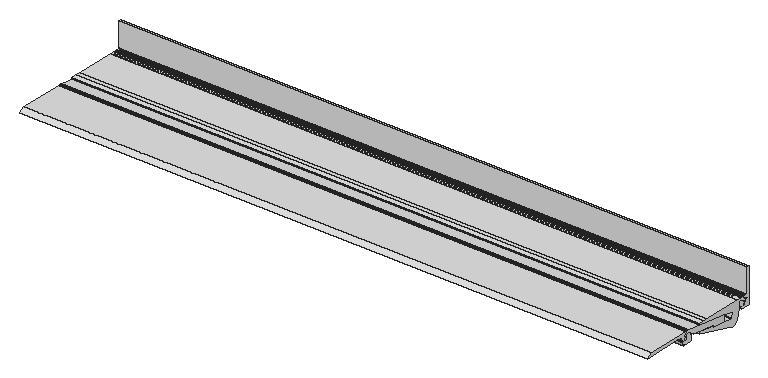
Revit family "Construction-Floors-Conecto-Aluminium Joints ALU AL.130.21", category Specialty Equipment, Revit 2015 (continued)
Definition of nested family "Standard"
  Automatic sketch dimensions
    Extrusion 11 sketch curve to Extrusion 11 sketch curve = 1.425 mm
    Extrusion 11 sketch curve to Extrusion 11 sketch curve = 2.078 mm
    plane 5 to Extrusion 11 sketch curve = 16.425 mm
    Extrusion 11 sketch curve to Extrusion 11 sketch curve = 0.009 mm
    Extrusion 11 sketch curve to Extrusion 11 sketch curve = 0.041 mm
    Extrusion 11 sketch curve to Extrusion 11 sketch curve = 0.911 mm  (x2)
    Extrusion 11 sketch curve to Extrusion 11 sketch curve = 2.3 mm
    Extrusion 11 sketch curve to Extrusion 11 sketch curve = 2.339 mm
    Extrusion 11 sketch curve to Extrusion 11 sketch curve = 0.027 mm
    Extrusion 11 sketch curve to Extrusion 11 sketch curve = 0.499 mm
    Extrusion 11 sketch curve to Extrusion 11 sketch curve = 0.837 mm
    Extrusion 11 sketch curve to Extrusion 11 sketch curve = 0.786 mm  (x2)
    Extrusion 11 sketch curve to Extrusion 11 sketch curve = 0.774 mm  (x2)
    Extrusion 11 sketch curve to Extrusion 11 sketch curve = 0.425 mm
    Extrusion 11 sketch curve to Extrusion 11 sketch curve = 0.097 mm
    Extrusion 11 sketch curve to Extrusion 11 sketch curve = 0.246 mm
    Extrusion 11 sketch curve to Extrusion 11 sketch curve = 0.831 mm
    Extrusion 11 sketch curve to Extrusion 11 sketch curve = 0.349 mm
    Extrusion 11 sketch curve to Extrusion 11 sketch curve = 0.778 mm
    Extrusion 11 sketch curve to Extrusion 11 sketch curve = 0.491 mm  (x2)
    plane 5 to Extrusion 11 sketch curve = 11.198 mm
    Extrusion 11 sketch curve to Extrusion 11 sketch curve = 0.697 mm
    Extrusion 11 sketch curve to Extrusion 11 sketch curve = 3.355 mm
    Extrusion 11 sketch curve to Extrusion 11 sketch curve = 0.719 mm
    Extrusion 11 sketch curve to Extrusion 11 sketch curve = 0.595 mm
    Extrusion 11 sketch curve to Extrusion 11 sketch curve = 0.672 mm
    Extrusion 11 sketch curve to Extrusion 11 sketch curve = 0.908 mm
    Extrusion 11 sketch curve to Extrusion 11 sketch curve = 0.74 mm
    Extrusion 11 sketch curve to Extrusion 11 sketch curve = 0.885 mm  (x2)
    Extrusion 11 sketch curve to Extrusion 11 sketch curve = 0.607 mm
    Extrusion 11 sketch curve to Extrusion 11 sketch curve = 0.827 mm
    Extrusion 11 sketch curve to Extrusion 11 sketch curve = 2.153 mm
    Extrusion 11 sketch curve to Extrusion 11 sketch curve = 0.459 mm
    Extrusion 11 sketch curve to Extrusion 11 sketch curve = 0.775 mm
    Extrusion 11 sketch curve to Extrusion 11 sketch curve = 0.787 mm
    Extrusion 11 sketch curve to Extrusion 11 sketch curve = 4.161 mm
    Extrusion 11 sketch curve to Extrusion 11 sketch curve = 0.155 mm
    Extrusion 11 sketch curve to Extrusion 11 sketch curve = 2.645 mm
    Extrusion 11 sketch curve to Extrusion 11 sketch curve = 0.258 mm
    Extrusion 11 sketch curve to Extrusion 11 sketch curve = 0.789 mm
    Extrusion 11 sketch curve to Extrusion 11 sketch curve = 0.379 mm
    Extrusion 11 sketch curve to Extrusion 11 sketch curve = 0.889 mm
    Extrusion 11 sketch curve to Extrusion 11 sketch curve = 0.488 mm
    Extrusion 11 sketch curve to Extrusion 11 sketch curve = 1.704 mm
    Extrusion 11 sketch curve to Extrusion 11 sketch curve = 0.741 mm
    Extrusion 11 sketch curve to Extrusion 11 sketch curve = 0.656 mm  (x2)
    Extrusion 11 sketch curve to Extrusion 11 sketch curve = 0.298 mm
    Extrusion 11 sketch curve to Extrusion 11 sketch curve = 0.771 mm
    Extrusion 11 sketch curve to Extrusion 11 sketch curve = 0.877 mm
    Extrusion 11 sketch curve to Extrusion 11 sketch curve = 0.492 mm
    Extrusion 11 sketch curve to Extrusion 11 sketch curve = 0.714 mm
    Extrusion 11 sketch curve to Extrusion 11 sketch curve = 0.418 mm
    Extrusion 11 sketch curve to Extrusion 11 sketch curve = 0.776 mm
    Extrusion 11 sketch curve to Extrusion 11 sketch curve = 0.629 mm
    Extrusion 11 sketch curve to Extrusion 11 sketch curve = 0.721 mm
    Extrusion 11 sketch curve to Extrusion 11 sketch curve = 0.523 mm
    Extrusion 11 sketch curve to Extrusion 11 sketch curve = 0.922 mm
    Extrusion 11 sketch curve to Extrusion 11 sketch curve = 0.347 mm
    Extrusion 11 sketch curve to Extrusion 11 sketch curve = 0.484 mm
    Extrusion 11 sketch curve to Extrusion 11 sketch curve = 0.085 mm
    Extrusion 11 sketch curve to Extrusion 11 sketch curve = 0.931 mm
    Extrusion 11 sketch curve to Extrusion 11 sketch curve = 0.833 mm
    plane 5 to Extrusion 11 sketch curve = 2.025 mm  (x2)
    Extrusion 11 sketch curve to Extrusion 11 sketch curve = 0.81 mm
    plane 5 to Extrusion 11 sketch curve = 0.891 mm  (x2)
    plane 5 to Extrusion 11 sketch curve = 0.11 mm
    Extrusion 11 sketch curve to Extrusion 11 sketch curve = 0.601 mm
    Extrusion 11 sketch curve to Extrusion 11 sketch curve = 0.78 mm
    Extrusion 11 sketch curve to Extrusion 11 sketch curve = 0.804 mm
    Extrusion 11 sketch curve to Extrusion 11 sketch curve = 0.811 mm
    Extrusion 11 sketch curve to Extrusion 11 sketch curve = 2.532 mm
    Extrusion 11 sketch curve to Extrusion 11 sketch curve = 0.993 mm
    Extrusion 11 sketch curve to Extrusion 11 sketch curve = 0.391 mm
    Extrusion 11 sketch curve to Extrusion 11 sketch curve = 0.063 mm
    Extrusion 11 sketch curve to Extrusion 11 sketch curve = 0.673 mm
    Extrusion 11 sketch curve to Extrusion 11 sketch curve = 0.38 mm
    Extrusion 11 sketch curve to Extrusion 11 sketch curve = 0.252 mm
    Extrusion 11 sketch curve to Extrusion 11 sketch curve = 0.151 mm
    Extrusion 11 sketch curve to Extrusion 11 sketch curve = 3.295 mm  (x2)
    Extrusion 11 sketch curve to Extrusion 11 sketch curve = 2.553 mm
    Extrusion 11 sketch curve to Extrusion 11 sketch curve = 0.406 mm
    Extrusion 11 sketch curve to Extrusion 11 sketch curve = 3.77 mm
    Extrusion 11 sketch curve to Extrusion 11 sketch curve = 0.794 mm
    Extrusion 11 sketch curve to Extrusion 11 sketch curve = 63.318 mm
    Extrusion 11 sketch curve to Extrusion 11 sketch curve = 1.56 mm
    Extrusion 11 sketch curve to Extrusion 11 sketch curve = 0.918 mm
    Extrusion 11 sketch curve to Extrusion 11 sketch curve = 0.284 mm
    Extrusion 11 sketch curve to Extrusion 11 sketch curve = 0.587 mm
    Extrusion 11 sketch curve to Extrusion 11 sketch curve = 1.2 mm
    Extrusion 11 sketch curve to Extrusion 11 sketch curve = 1.911 mm
    Extrusion 11 sketch curve to Extrusion 11 sketch curve = 0.578 mm
    Extrusion 11 sketch curve to Extrusion 11 sketch curve = 4.832 mm
    Extrusion 11 sketch curve to Extrusion 11 sketch curve = 0.912 mm
    Extrusion 11 sketch curve to Extrusion 11 sketch curve = 0.917 mm
    Extrusion 11 sketch curve to Extrusion 11 sketch curve = 2.428 mm
    Extrusion 11 sketch curve to Extrusion 11 sketch curve = 0.795 mm
    Extrusion 11 sketch curve to Extrusion 11 sketch curve = 0.87 mm
    Extrusion 11 sketch curve to Extrusion 11 sketch curve = 2.001 mm
    Extrusion 11 sketch curve to Extrusion 11 sketch curve = 1.1 mm
    Extrusion 11 sketch curve to Extrusion 11 sketch curve = 1.105 mm
    Extrusion 11 sketch curve to Extrusion 11 sketch curve = 1.16 mm
    Extrusion 11 sketch curve to Extrusion 11 sketch curve = 0.798 mm
    Extrusion 11 sketch curve to Extrusion 11 sketch curve = 0.812 mm
    Extrusion 11 sketch curve to Extrusion 11 sketch curve = 1.3 mm
    Extrusion 11 sketch curve to Extrusion 11 sketch curve = 1.589 mm
    Extrusion 11 sketch curve to Extrusion 11 sketch curve = 0.729 mm
    Extrusion 11 sketch curve to Extrusion 11 sketch curve = 0.181 mm
    Extrusion 11 sketch curve to Extrusion 11 sketch curve = 0.71 mm
    Extrusion 11 sketch curve to Extrusion 11 sketch curve = 0.699 mm
    Extrusion 11 sketch curve to Extrusion 11 sketch curve = 0.638 mm
    Extrusion 11 sketch curve to Extrusion 11 sketch curve = 0.506 mm
    Extrusion 11 sketch curve to Extrusion 11 sketch curve = 0.373 mm
    Extrusion 11 sketch curve to Extrusion 11 sketch curve = 0.208 mm
    Extrusion 11 sketch curve to Extrusion 11 sketch curve = 0.144 mm
    Extrusion 11 sketch curve to Extrusion 11 sketch curve = 1.895 mm
    Extrusion 11 sketch curve to Extrusion 11 sketch curve = 0.735 mm
    Extrusion 11 sketch curve to Extrusion 11 sketch curve = 1.073 mm  (x2)
    Extrusion 11 sketch curve to Extrusion 11 sketch curve = 0.031 mm
    Extrusion 11 sketch curve to Extrusion 11 sketch curve = 0.237 mm
    Extrusion 11 sketch curve to Extrusion 11 sketch curve = 0.765 mm
    Extrusion 11 sketch curve to Extrusion 11 sketch curve = 2.288 mm
    plane 5 to Extrusion 12 sketch curve = 76.237 mm
    Extrusion 12 sketch curve to Extrusion 12 sketch curve = 0.134 mm
    Extrusion 12 sketch curve to Extrusion 12 sketch curve = 0.685 mm  (x2)
    Extrusion 12 sketch curve to Extrusion 12 sketch curve = 0.826 mm
    Extrusion 12 sketch curve to Extrusion 12 sketch curve = 1.425 mm
    Extrusion 12 sketch curve to Extrusion 12 sketch curve = 2.071 mm
    plane 5 to Extrusion 12 sketch curve = 16.425 mm
    Extrusion 12 sketch curve to Extrusion 12 sketch curve = 0.009 mm
    Extrusion 12 sketch curve to Extrusion 12 sketch curve = 0.041 mm
    Extrusion 12 sketch curve to Extrusion 12 sketch curve = 0.911 mm  (x2)
    Extrusion 12 sketch curve to Extrusion 12 sketch curve = 2.3 mm
    Extrusion 12 sketch curve to Extrusion 12 sketch curve = 2.339 mm
    Extrusion 12 sketch curve to Extrusion 12 sketch curve = 0.027 mm
    Extrusion 12 sketch curve to Extrusion 12 sketch curve = 0.499 mm
    Extrusion 12 sketch curve to Extrusion 12 sketch curve = 0.837 mm
    Extrusion 12 sketch curve to Extrusion 12 sketch curve = 0.786 mm  (x2)
    Extrusion 12 sketch curve to Extrusion 12 sketch curve = 0.774 mm  (x2)
    Extrusion 12 sketch curve to Extrusion 12 sketch curve = 0.425 mm
    Extrusion 12 sketch curve to Extrusion 12 sketch curve = 0.097 mm
    Extrusion 12 sketch curve to Extrusion 12 sketch curve = 0.246 mm
    Extrusion 12 sketch curve to Extrusion 12 sketch curve = 0.831 mm
    Extrusion 12 sketch curve to Extrusion 12 sketch curve = 0.349 mm
    Extrusion 12 sketch curve to Extrusion 12 sketch curve = 0.778 mm
    Extrusion 12 sketch curve to Extrusion 12 sketch curve = 0.491 mm  (x2)
    Extrusion 12 sketch curve to Extrusion 12 sketch curve = 0.697 mm
    Extrusion 12 sketch curve to Extrusion 12 sketch curve = 3.355 mm
    Extrusion 12 sketch curve to Extrusion 12 sketch curve = 0.719 mm
    Extrusion 12 sketch curve to Extrusion 12 sketch curve = 0.595 mm
    Extrusion 12 sketch curve to Extrusion 12 sketch curve = 0.672 mm
    Extrusion 12 sketch curve to Extrusion 12 sketch curve = 0.908 mm
    Extrusion 12 sketch curve to Extrusion 12 sketch curve = 0.74 mm
    Extrusion 12 sketch curve to Extrusion 12 sketch curve = 0.885 mm  (x2)
    Extrusion 12 sketch curve to Extrusion 12 sketch curve = 0.607 mm
    Extrusion 12 sketch curve to Extrusion 12 sketch curve = 0.827 mm
    Extrusion 12 sketch curve to Extrusion 12 sketch curve = 0.459 mm
    plane 5 to Extrusion 12 sketch curve = 8.705 mm
    Extrusion 12 sketch curve to Extrusion 12 sketch curve = 0.775 mm
    Extrusion 12 sketch curve to Extrusion 12 sketch curve = 0.787 mm
    Extrusion 12 sketch curve to Extrusion 12 sketch curve = 4.161 mm
    Extrusion 12 sketch curve to Extrusion 12 sketch curve = 0.155 mm
    Extrusion 12 sketch curve to Extrusion 12 sketch curve = 2.645 mm
    Extrusion 12 sketch curve to Extrusion 12 sketch curve = 0.258 mm
    Extrusion 12 sketch curve to Extrusion 12 sketch curve = 0.789 mm
    Extrusion 12 sketch curve to Extrusion 12 sketch curve = 0.379 mm
    Extrusion 12 sketch curve to Extrusion 12 sketch curve = 0.889 mm
    Extrusion 12 sketch curve to Extrusion 12 sketch curve = 0.488 mm
    Extrusion 12 sketch curve to Extrusion 12 sketch curve = 0.741 mm
    Extrusion 12 sketch curve to Extrusion 12 sketch curve = 0.656 mm  (x2)
    Extrusion 12 sketch curve to Extrusion 12 sketch curve = 0.298 mm
    Extrusion 12 sketch curve to Extrusion 12 sketch curve = 2.115 mm
    Extrusion 12 sketch curve to Extrusion 12 sketch curve = 0.877 mm
    Extrusion 12 sketch curve to Extrusion 12 sketch curve = 0.492 mm
    Extrusion 12 sketch curve to Extrusion 12 sketch curve = 0.714 mm
    Extrusion 12 sketch curve to Extrusion 12 sketch curve = 0.273 mm
    Extrusion 12 sketch curve to Extrusion 12 sketch curve = 0.776 mm
    Extrusion 12 sketch curve to Extrusion 12 sketch curve = 0.629 mm
    Extrusion 12 sketch curve to Extrusion 12 sketch curve = 0.721 mm
    Extrusion 12 sketch curve to Extrusion 12 sketch curve = 0.523 mm
    Extrusion 12 sketch curve to Extrusion 12 sketch curve = 0.922 mm
    Extrusion 12 sketch curve to Extrusion 12 sketch curve = 0.347 mm
    Extrusion 12 sketch curve to Extrusion 12 sketch curve = 0.484 mm
    Extrusion 12 sketch curve to Extrusion 12 sketch curve = 0.085 mm
    Extrusion 12 sketch curve to Extrusion 12 sketch curve = 0.931 mm
    Extrusion 12 sketch curve to Extrusion 12 sketch curve = 0.833 mm
    plane 5 to Extrusion 12 sketch curve = 2.025 mm  (x2)
    Extrusion 12 sketch curve to Extrusion 12 sketch curve = 0.81 mm
    plane 5 to Extrusion 12 sketch curve = 0.891 mm  (x2)
    plane 5 to Extrusion 12 sketch curve = 0.11 mm
    Extrusion 12 sketch curve to Extrusion 12 sketch curve = 0.218 mm
    Extrusion 12 sketch curve to Extrusion 12 sketch curve = 0.428 mm
    Extrusion 12 sketch curve to Extrusion 12 sketch curve = 0.38 mm
    Extrusion 12 sketch curve to Extrusion 12 sketch curve = 0.252 mm
    Extrusion 12 sketch curve to Extrusion 12 sketch curve = 0.151 mm
    Extrusion 12 sketch curve to Extrusion 12 sketch curve = 1.986 mm
    Extrusion 12 sketch curve to Extrusion 12 sketch curve = 2.553 mm
    Extrusion 12 sketch curve to Extrusion 12 sketch curve = 0.406 mm
    Extrusion 12 sketch curve to Extrusion 12 sketch curve = 3.77 mm
    Extrusion 12 sketch curve to Extrusion 12 sketch curve = 0.794 mm
    Extrusion 12 sketch curve to Extrusion 12 sketch curve = 53.088 mm
    Extrusion 12 sketch curve to Extrusion 12 sketch curve = 1.637 mm
    Extrusion 12 sketch curve to Extrusion 12 sketch curve = 1.221 mm
    Extrusion 12 sketch curve to Extrusion 12 sketch curve = 1.196 mm
    Extrusion 12 sketch curve to Extrusion 12 sketch curve = 1.911 mm
    Extrusion 12 sketch curve to Extrusion 12 sketch curve = 0.578 mm
    Extrusion 12 sketch curve to Extrusion 12 sketch curve = 0.175 mm
    Extrusion 12 sketch curve to Extrusion 12 sketch curve = 0.673 mm
    Extrusion 12 sketch curve to Extrusion 12 sketch curve = 3.295 mm  (x2)
    Extrusion 12 sketch curve to Extrusion 12 sketch curve = 0.993 mm
    Extrusion 12 sketch curve to Extrusion 12 sketch curve = 0.811 mm
    Extrusion 12 sketch curve to Extrusion 12 sketch curve = 0.804 mm
    Extrusion 12 sketch curve to Extrusion 12 sketch curve = 2.532 mm
    Extrusion 12 sketch curve to Extrusion 12 sketch curve = 0.601 mm
    Extrusion 12 sketch curve to Extrusion 12 sketch curve = 0.912 mm
    Extrusion 12 sketch curve to Extrusion 12 sketch curve = 0.917 mm
    Extrusion 12 sketch curve to Extrusion 12 sketch curve = 2.428 mm
    Extrusion 12 sketch curve to Extrusion 12 sketch curve = 0.795 mm
    Extrusion 12 sketch curve to Extrusion 12 sketch curve = 0.87 mm
    Extrusion 12 sketch curve to Extrusion 12 sketch curve = 2.001 mm
    Extrusion 12 sketch curve to Extrusion 12 sketch curve = 1.1 mm
    Extrusion 12 sketch curve to Extrusion 12 sketch curve = 1.105 mm
    Extrusion 12 sketch curve to Extrusion 12 sketch curve = 1.16 mm
    Extrusion 12 sketch curve to Extrusion 12 sketch curve = 0.798 mm
    Extrusion 12 sketch curve to Extrusion 12 sketch curve = 0.812 mm
    Extrusion 12 sketch curve to Extrusion 12 sketch curve = 1.3 mm
    Extrusion 12 sketch curve to Extrusion 12 sketch curve = 1.589 mm
    Extrusion 12 sketch curve to Extrusion 12 sketch curve = 0.729 mm
    Extrusion 12 sketch curve to Extrusion 12 sketch curve = 0.181 mm
    Extrusion 12 sketch curve to Extrusion 12 sketch curve = 0.71 mm
    Extrusion 12 sketch curve to Extrusion 12 sketch curve = 0.699 mm
    Extrusion 12 sketch curve to Extrusion 12 sketch curve = 0.638 mm
    Extrusion 12 sketch curve to Extrusion 12 sketch curve = 0.506 mm
    Extrusion 12 sketch curve to Extrusion 12 sketch curve = 0.373 mm
    Extrusion 12 sketch curve to Extrusion 12 sketch curve = 0.208 mm
    Extrusion 12 sketch curve to Extrusion 12 sketch curve = 0.144 mm
    Extrusion 12 sketch curve to Extrusion 12 sketch curve = 1.895 mm
    Extrusion 12 sketch curve to Extrusion 12 sketch curve = 0.735 mm
    Extrusion 12 sketch curve to Extrusion 12 sketch curve = 1.073 mm  (x2)
    Extrusion 12 sketch curve to Extrusion 12 sketch curve = 0.031 mm
    Extrusion 12 sketch curve to Extrusion 12 sketch curve = 0.237 mm
    Extrusion 12 sketch curve to Extrusion 12 sketch curve = 0.765 mm
    Extrusion 12 sketch curve to Extrusion 12 sketch curve = 1.007 mm
    plane 5 to Extrusion 13 sketch curve = 76.337 mm
    Extrusion 13 sketch curve to Extrusion 13 sketch curve = 0.134 mm
    Extrusion 13 sketch curve to Extrusion 13 sketch curve = 0.685 mm  (x2)
    Extrusion 13 sketch curve to Extrusion 13 sketch curve = 0.826 mm
    Extrusion 13 sketch curve to Extrusion 13 sketch curve = 1.425 mm
    Extrusion 13 sketch curve to Extrusion 13 sketch curve = 2.203 mm
    plane 5 to Extrusion 13 sketch curve = 16.425 mm
    Extrusion 13 sketch curve to Extrusion 13 sketch curve = 0.009 mm
    Extrusion 13 sketch curve to Extrusion 13 sketch curve = 0.032 mm
    Extrusion 13 sketch curve to Extrusion 13 sketch curve = 0.911 mm  (x2)
    Extrusion 13 sketch curve to Extrusion 13 sketch curve = 2.3 mm
    Extrusion 13 sketch curve to Extrusion 13 sketch curve = 2.339 mm
    Extrusion 13 sketch curve to Extrusion 13 sketch curve = 0.027 mm
    Extrusion 13 sketch curve to Extrusion 13 sketch curve = 0.499 mm
    Extrusion 13 sketch curve to Extrusion 13 sketch curve = 0.837 mm
    Extrusion 13 sketch curve to Extrusion 13 sketch curve = 0.786 mm  (x2)
    Extrusion 13 sketch curve to Extrusion 13 sketch curve = 0.774 mm  (x2)
    Extrusion 13 sketch curve to Extrusion 13 sketch curve = 0.425 mm
    Extrusion 13 sketch curve to Extrusion 13 sketch curve = 0.097 mm
    Extrusion 13 sketch curve to Extrusion 13 sketch curve = 0.246 mm
    Extrusion 13 sketch curve to Extrusion 13 sketch curve = 0.831 mm
    Extrusion 13 sketch curve to Extrusion 13 sketch curve = 0.349 mm
    Extrusion 13 sketch curve to Extrusion 13 sketch curve = 0.778 mm
    Extrusion 13 sketch curve to Extrusion 13 sketch curve = 0.491 mm  (x2)
    plane 5 to Extrusion 13 sketch curve = 11.216 mm
    Extrusion 13 sketch curve to Extrusion 13 sketch curve = 0.697 mm
    Extrusion 13 sketch curve to Extrusion 13 sketch curve = 3.355 mm
    Extrusion 13 sketch curve to Extrusion 13 sketch curve = 0.719 mm
    Extrusion 13 sketch curve to Extrusion 13 sketch curve = 0.595 mm
    Extrusion 13 sketch curve to Extrusion 13 sketch curve = 0.672 mm
    Extrusion 13 sketch curve to Extrusion 13 sketch curve = 0.908 mm
    Extrusion 13 sketch curve to Extrusion 13 sketch curve = 0.74 mm
    Extrusion 13 sketch curve to Extrusion 13 sketch curve = 0.885 mm  (x2)
    Extrusion 13 sketch curve to Extrusion 13 sketch curve = 0.607 mm
    Extrusion 13 sketch curve to Extrusion 13 sketch curve = 0.827 mm
    Extrusion 13 sketch curve to Extrusion 13 sketch curve = 0.459 mm
    Extrusion 13 sketch curve to Extrusion 13 sketch curve = 0.775 mm
    Extrusion 13 sketch curve to Extrusion 13 sketch curve = 2.808 mm
    Extrusion 13 sketch curve to Extrusion 13 sketch curve = 0.787 mm
    Extrusion 13 sketch curve to Extrusion 13 sketch curve = 4.161 mm
    Extrusion 13 sketch curve to Extrusion 13 sketch curve = 0.155 mm
    Extrusion 13 sketch curve to Extrusion 13 sketch curve = 2.645 mm
    Extrusion 13 sketch curve to Extrusion 13 sketch curve = 0.258 mm
    Extrusion 13 sketch curve to Extrusion 13 sketch curve = 0.789 mm
    Extrusion 13 sketch curve to Extrusion 13 sketch curve = 0.379 mm
    Extrusion 13 sketch curve to Extrusion 13 sketch curve = 0.889 mm
    Extrusion 13 sketch curve to Extrusion 13 sketch curve = 0.488 mm
    Extrusion 13 sketch curve to Extrusion 13 sketch curve = 0.741 mm
    Extrusion 13 sketch curve to Extrusion 13 sketch curve = 1.325 mm
    Extrusion 13 sketch curve to Extrusion 13 sketch curve = 0.656 mm  (x2)
    Extrusion 13 sketch curve to Extrusion 13 sketch curve = 0.298 mm
    Extrusion 13 sketch curve to Extrusion 13 sketch curve = 0.877 mm
    Extrusion 13 sketch curve to Extrusion 13 sketch curve = 0.492 mm
    Extrusion 13 sketch curve to Extrusion 13 sketch curve = 0.714 mm
    Extrusion 13 sketch curve to Extrusion 13 sketch curve = 0.273 mm
    Extrusion 13 sketch curve to Extrusion 13 sketch curve = 0.776 mm
    Extrusion 13 sketch curve to Extrusion 13 sketch curve = 0.629 mm
    Extrusion 13 sketch curve to Extrusion 13 sketch curve = 0.721 mm
    Extrusion 13 sketch curve to Extrusion 13 sketch curve = 0.523 mm
    Extrusion 13 sketch curve to Extrusion 13 sketch curve = 0.922 mm
    Extrusion 13 sketch curve to Extrusion 13 sketch curve = 0.347 mm
    Extrusion 13 sketch curve to Extrusion 13 sketch curve = 0.484 mm
    Extrusion 13 sketch curve to Extrusion 13 sketch curve = 0.085 mm
    Extrusion 13 sketch curve to Extrusion 13 sketch curve = 0.931 mm
    Extrusion 13 sketch curve to Extrusion 13 sketch curve = 0.833 mm
    plane 5 to Extrusion 13 sketch curve = 2.025 mm  (x2)
    Extrusion 13 sketch curve to Extrusion 13 sketch curve = 0.81 mm
    plane 5 to Extrusion 13 sketch curve = 0.891 mm  (x2)
    plane 5 to Extrusion 13 sketch curve = 0.11 mm
    Extrusion 13 sketch curve to Extrusion 13 sketch curve = 0.218 mm
    Extrusion 13 sketch curve to Extrusion 13 sketch curve = 0.428 mm
    Extrusion 13 sketch curve to Extrusion 13 sketch curve = 0.38 mm
    Extrusion 13 sketch curve to Extrusion 13 sketch curve = 0.252 mm
    Extrusion 13 sketch curve to Extrusion 13 sketch curve = 0.151 mm
    Extrusion 13 sketch curve to Extrusion 13 sketch curve = 1.986 mm
    Extrusion 13 sketch curve to Extrusion 13 sketch curve = 2.553 mm
    Extrusion 13 sketch curve to Extrusion 13 sketch curve = 0.406 mm
    Extrusion 13 sketch curve to Extrusion 13 sketch curve = 3.77 mm
    Extrusion 13 sketch curve to Extrusion 13 sketch curve = 0.794 mm
    Extrusion 13 sketch curve to Extrusion 13 sketch curve = 44.368 mm
    Extrusion 13 sketch curve to Extrusion 13 sketch curve = 1.15 mm
    Extrusion 13 sketch curve to Extrusion 13 sketch curve = 0.704 mm
    Extrusion 13 sketch curve to Extrusion 13 sketch curve = 1.272 mm
    Extrusion 13 sketch curve to Extrusion 13 sketch curve = 1.911 mm
    Extrusion 13 sketch curve to Extrusion 13 sketch curve = 0.578 mm
    Extrusion 13 sketch curve to Extrusion 13 sketch curve = 5.129 mm
    Extrusion 13 sketch curve to Extrusion 13 sketch curve = 0.673 mm
    Extrusion 13 sketch curve to Extrusion 13 sketch curve = 3.295 mm  (x2)
    Extrusion 13 sketch curve to Extrusion 13 sketch curve = 0.993 mm
    Extrusion 13 sketch curve to Extrusion 13 sketch curve = 0.811 mm
    Extrusion 13 sketch curve to Extrusion 13 sketch curve = 0.804 mm
    Extrusion 13 sketch curve to Extrusion 13 sketch curve = 2.532 mm
    Extrusion 13 sketch curve to Extrusion 13 sketch curve = 0.601 mm
    Extrusion 13 sketch curve to Extrusion 13 sketch curve = 0.302 mm
    Extrusion 13 sketch curve to Extrusion 13 sketch curve = 0.912 mm
    Extrusion 13 sketch curve to Extrusion 13 sketch curve = 0.917 mm
    Extrusion 13 sketch curve to Extrusion 13 sketch curve = 2.428 mm
    Extrusion 13 sketch curve to Extrusion 13 sketch curve = 0.795 mm
    Extrusion 13 sketch curve to Extrusion 13 sketch curve = 0.87 mm
    Extrusion 13 sketch curve to Extrusion 13 sketch curve = 2.001 mm
    Extrusion 13 sketch curve to Extrusion 13 sketch curve = 1.1 mm
    Extrusion 13 sketch curve to Extrusion 13 sketch curve = 1.105 mm
    Extrusion 13 sketch curve to Extrusion 13 sketch curve = 1.16 mm
    Extrusion 13 sketch curve to Extrusion 13 sketch curve = 0.798 mm
    Extrusion 13 sketch curve to Extrusion 13 sketch curve = 0.812 mm
    Extrusion 13 sketch curve to Extrusion 13 sketch curve = 1.3 mm
    Extrusion 13 sketch curve to Extrusion 13 sketch curve = 1.589 mm
    Extrusion 13 sketch curve to Extrusion 13 sketch curve = 0.729 mm
    Extrusion 13 sketch curve to Extrusion 13 sketch curve = 0.181 mm
    Extrusion 13 sketch curve to Extrusion 13 sketch curve = 0.71 mm
    Extrusion 13 sketch curve to Extrusion 13 sketch curve = 0.699 mm
    Extrusion 13 sketch curve to Extrusion 13 sketch curve = 0.638 mm
    Extrusion 13 sketch curve to Extrusion 13 sketch curve = 0.506 mm
    Extrusion 13 sketch curve to Extrusion 13 sketch curve = 0.373 mm
    Extrusion 13 sketch curve to Extrusion 13 sketch curve = 0.208 mm
    Extrusion 13 sketch curve to Extrusion 13 sketch curve = 0.144 mm
    Extrusion 13 sketch curve to Extrusion 13 sketch curve = 1.895 mm
    Extrusion 13 sketch curve to Extrusion 13 sketch curve = 0.735 mm
    Extrusion 13 sketch curve to Extrusion 13 sketch curve = 1.073 mm  (x2)
    Extrusion 13 sketch curve to Extrusion 13 sketch curve = 0.031 mm
    Extrusion 13 sketch curve to Extrusion 13 sketch curve = 0.237 mm
    Extrusion 13 sketch curve to Extrusion 13 sketch curve = 0.765 mm
    Extrusion 13 sketch curve to Extrusion 13 sketch curve = 2.288 mm
    plane 5 to Extrusion 14 sketch curve = 76.26 mm
    Extrusion 14 sketch curve to Extrusion 14 sketch curve = 0.134 mm
    Extrusion 14 sketch curve to Extrusion 14 sketch curve = 0.685 mm  (x2)
    Extrusion 14 sketch curve to Extrusion 14 sketch curve = 0.826 mm
    Extrusion 14 sketch curve to Extrusion 14 sketch curve = 1.425 mm
    Extrusion 14 sketch curve to Extrusion 14 sketch curve = 2.063 mm
    plane 5 to Extrusion 14 sketch curve = 16.424 mm
    Extrusion 14 sketch curve to Extrusion 14 sketch curve = 0.009 mm
    Extrusion 14 sketch curve to Extrusion 14 sketch curve = 0.032 mm
    Extrusion 14 sketch curve to Extrusion 14 sketch curve = 0.911 mm  (x2)
    Extrusion 14 sketch curve to Extrusion 14 sketch curve = 2.3 mm
    Extrusion 14 sketch curve to Extrusion 14 sketch curve = 2.339 mm
    Extrusion 14 sketch curve to Extrusion 14 sketch curve = 0.027 mm
    Extrusion 14 sketch curve to Extrusion 14 sketch curve = 0.499 mm
    Extrusion 14 sketch curve to Extrusion 14 sketch curve = 0.837 mm
    Extrusion 14 sketch curve to Extrusion 14 sketch curve = 0.786 mm  (x2)
    Extrusion 14 sketch curve to Extrusion 14 sketch curve = 0.774 mm  (x2)
    Extrusion 14 sketch curve to Extrusion 14 sketch curve = 0.425 mm
    Extrusion 14 sketch curve to Extrusion 14 sketch curve = 0.097 mm
    Extrusion 14 sketch curve to Extrusion 14 sketch curve = 0.246 mm
    Extrusion 14 sketch curve to Extrusion 14 sketch curve = 0.831 mm
    Extrusion 14 sketch curve to Extrusion 14 sketch curve = 0.349 mm
    Extrusion 14 sketch curve to Extrusion 14 sketch curve = 0.778 mm
    Extrusion 14 sketch curve to Extrusion 14 sketch curve = 0.491 mm  (x2)
    plane 5 to Extrusion 14 sketch curve = 11.111 mm
    Extrusion 14 sketch curve to Extrusion 14 sketch curve = 0.697 mm
    Extrusion 14 sketch curve to Extrusion 14 sketch curve = 3.355 mm
    Extrusion 14 sketch curve to Extrusion 14 sketch curve = 0.719 mm
    Extrusion 14 sketch curve to Extrusion 14 sketch curve = 0.595 mm
    Extrusion 14 sketch curve to Extrusion 14 sketch curve = 0.672 mm
    Extrusion 14 sketch curve to Extrusion 14 sketch curve = 0.908 mm
    Extrusion 14 sketch curve to Extrusion 14 sketch curve = 0.74 mm
    Extrusion 14 sketch curve to Extrusion 14 sketch curve = 0.885 mm  (x2)
    Extrusion 14 sketch curve to Extrusion 14 sketch curve = 1.689 mm
    Extrusion 14 sketch curve to Extrusion 14 sketch curve = 0.607 mm
    Extrusion 14 sketch curve to Extrusion 14 sketch curve = 0.827 mm
    Extrusion 14 sketch curve to Extrusion 14 sketch curve = 0.459 mm
    Extrusion 14 sketch curve to Extrusion 14 sketch curve = 0.789 mm  (x2)
    Extrusion 14 sketch curve to Extrusion 14 sketch curve = 0.775 mm
    Extrusion 14 sketch curve to Extrusion 14 sketch curve = 0.787 mm
    Extrusion 14 sketch curve to Extrusion 14 sketch curve = 4.012 mm
    Extrusion 14 sketch curve to Extrusion 14 sketch curve = 0.155 mm
    Extrusion 14 sketch curve to Extrusion 14 sketch curve = 2.645 mm
    Extrusion 14 sketch curve to Extrusion 14 sketch curve = 0.258 mm
    Extrusion 14 sketch curve to Extrusion 14 sketch curve = 0.379 mm
    Extrusion 14 sketch curve to Extrusion 14 sketch curve = 0.889 mm
    Extrusion 14 sketch curve to Extrusion 14 sketch curve = 0.488 mm
    Extrusion 14 sketch curve to Extrusion 14 sketch curve = 1.351 mm
    Extrusion 14 sketch curve to Extrusion 14 sketch curve = 0.741 mm
    Extrusion 14 sketch curve to Extrusion 14 sketch curve = 0.656 mm  (x2)
    Extrusion 14 sketch curve to Extrusion 14 sketch curve = 0.298 mm
    Extrusion 14 sketch curve to Extrusion 14 sketch curve = 0.735 mm  (x2)
    Extrusion 14 sketch curve to Extrusion 14 sketch curve = 0.877 mm
    Extrusion 14 sketch curve to Extrusion 14 sketch curve = 0.492 mm  (x2)
    Extrusion 14 sketch curve to Extrusion 14 sketch curve = 0.714 mm
    Extrusion 14 sketch curve to Extrusion 14 sketch curve = 0.273 mm
    Extrusion 14 sketch curve to Extrusion 14 sketch curve = 0.776 mm
    Extrusion 14 sketch curve to Extrusion 14 sketch curve = 0.629 mm
    Extrusion 14 sketch curve to Extrusion 14 sketch curve = 0.721 mm
    Extrusion 14 sketch curve to Extrusion 14 sketch curve = 0.523 mm
    Extrusion 14 sketch curve to Extrusion 14 sketch curve = 0.922 mm
    Extrusion 14 sketch curve to Extrusion 14 sketch curve = 0.347 mm
    Extrusion 14 sketch curve to Extrusion 14 sketch curve = 0.484 mm
    Extrusion 14 sketch curve to Extrusion 14 sketch curve = 0.085 mm
    Extrusion 14 sketch curve to Extrusion 14 sketch curve = 0.931 mm
    Extrusion 14 sketch curve to Extrusion 14 sketch curve = 0.833 mm
    plane 5 to Extrusion 14 sketch curve = 2.024 mm  (x2)
    Extrusion 14 sketch curve to Extrusion 14 sketch curve = 0.81 mm
    plane 5 to Extrusion 14 sketch curve = 0.889 mm  (x2)
    plane 5 to Extrusion 14 sketch curve = 0.108 mm
    Extrusion 14 sketch curve to Extrusion 14 sketch curve = 0.218 mm
    Extrusion 14 sketch curve to Extrusion 14 sketch curve = 0.428 mm
    Extrusion 14 sketch curve to Extrusion 14 sketch curve = 0.38 mm
    Extrusion 14 sketch curve to Extrusion 14 sketch curve = 0.252 mm
    Extrusion 14 sketch curve to Extrusion 14 sketch curve = 0.151 mm
    Extrusion 14 sketch curve to Extrusion 14 sketch curve = 1.986 mm
    Extrusion 14 sketch curve to Extrusion 14 sketch curve = 2.553 mm
    Extrusion 14 sketch curve to Extrusion 14 sketch curve = 0.406 mm
    Extrusion 14 sketch curve to Extrusion 14 sketch curve = 3.77 mm
    Extrusion 14 sketch curve to Extrusion 14 sketch curve = 0.794 mm
    Extrusion 14 sketch curve to Extrusion 14 sketch curve = 28.885 mm
    Extrusion 14 sketch curve to Extrusion 14 sketch curve = 1.089 mm
    Extrusion 14 sketch curve to Extrusion 14 sketch curve = 0.876 mm
    Extrusion 14 sketch curve to Extrusion 14 sketch curve = 0.069 mm
    Extrusion 14 sketch curve to Extrusion 14 sketch curve = 1.191 mm
    Extrusion 14 sketch curve to Extrusion 14 sketch curve = 1.911 mm
    Extrusion 14 sketch curve to Extrusion 14 sketch curve = 0.578 mm
    Extrusion 14 sketch curve to Extrusion 14 sketch curve = 0.175 mm
    Extrusion 14 sketch curve to Extrusion 14 sketch curve = 0.673 mm
    Extrusion 14 sketch curve to Extrusion 14 sketch curve = 3.295 mm  (x2)
    Extrusion 14 sketch curve to Extrusion 14 sketch curve = 0.993 mm
    Extrusion 14 sketch curve to Extrusion 14 sketch curve = 0.811 mm
    Extrusion 14 sketch curve to Extrusion 14 sketch curve = 0.804 mm
    Extrusion 14 sketch curve to Extrusion 14 sketch curve = 2.532 mm
    Extrusion 14 sketch curve to Extrusion 14 sketch curve = 0.601 mm
    Extrusion 14 sketch curve to Extrusion 14 sketch curve = 0.302 mm
    Extrusion 14 sketch curve to Extrusion 14 sketch curve = 0.912 mm
    Extrusion 14 sketch curve to Extrusion 14 sketch curve = 0.917 mm
    Extrusion 14 sketch curve to Extrusion 14 sketch curve = 2.428 mm
    Extrusion 14 sketch curve to Extrusion 14 sketch curve = 0.795 mm
    Extrusion 14 sketch curve to Extrusion 14 sketch curve = 0.87 mm
    Extrusion 14 sketch curve to Extrusion 14 sketch curve = 2.001 mm
    Extrusion 14 sketch curve to Extrusion 14 sketch curve = 1.1 mm
    Extrusion 14 sketch curve to Extrusion 14 sketch curve = 1.105 mm
    Extrusion 14 sketch curve to Extrusion 14 sketch curve = 1.16 mm
    Extrusion 14 sketch curve to Extrusion 14 sketch curve = 0.798 mm
    Extrusion 14 sketch curve to Extrusion 14 sketch curve = 0.812 mm
    Extrusion 14 sketch curve to Extrusion 14 sketch curve = 1.3 mm
    Extrusion 14 sketch curve to Extrusion 14 sketch curve = 1.589 mm
    Extrusion 14 sketch curve to Extrusion 14 sketch curve = 0.729 mm
    Extrusion 14 sketch curve to Extrusion 14 sketch curve = 0.181 mm
    Extrusion 14 sketch curve to Extrusion 14 sketch curve = 0.71 mm
    Extrusion 14 sketch curve to Extrusion 14 sketch curve = 0.699 mm
    Extrusion 14 sketch curve to Extrusion 14 sketch curve = 0.638 mm
    Extrusion 14 sketch curve to Extrusion 14 sketch curve = 0.506 mm
    Extrusion 14 sketch curve to Extrusion 14 sketch curve = 0.373 mm
    Extrusion 14 sketch curve to Extrusion 14 sketch curve = 0.208 mm
    Extrusion 14 sketch curve to Extrusion 14 sketch curve = 0.144 mm
    Extrusion 14 sketch curve to Extrusion 14 sketch curve = 1.895 mm
    Extrusion 14 sketch curve to Extrusion 14 sketch curve = 1.073 mm  (x2)
    Extrusion 14 sketch curve to Extrusion 14 sketch curve = 0.031 mm
    Extrusion 14 sketch curve to Extrusion 14 sketch curve = 0.237 mm
    Extrusion 14 sketch curve to Extrusion 14 sketch curve = 0.765 mm
    Extrusion 14 sketch curve to Extrusion 14 sketch curve = 2.288 mm
    plane 5 to Extrusion 15 sketch curve = 76.262 mm
    Extrusion 15 sketch curve to Extrusion 15 sketch curve = 0.134 mm
    Extrusion 15 sketch curve to Extrusion 15 sketch curve = 0.685 mm  (x2)
    Extrusion 15 sketch curve to Extrusion 15 sketch curve = 0.826 mm
    Extrusion 15 sketch curve to Extrusion 15 sketch curve = 1.425 mm
    Extrusion 15 sketch curve to Extrusion 15 sketch curve = 2.053 mm
    plane 5 to Extrusion 15 sketch curve = 16.425 mm
    Extrusion 15 sketch curve to Extrusion 15 sketch curve = 0.009 mm
    Extrusion 15 sketch curve to Extrusion 15 sketch curve = 0.032 mm
    Extrusion 15 sketch curve to Extrusion 15 sketch curve = 0.911 mm  (x2)
    Extrusion 15 sketch curve to Extrusion 15 sketch curve = 2.3 mm
    Extrusion 15 sketch curve to Extrusion 15 sketch curve = 2.339 mm
    Extrusion 15 sketch curve to Extrusion 15 sketch curve = 0.027 mm
    Extrusion 15 sketch curve to Extrusion 15 sketch curve = 0.499 mm
    Extrusion 15 sketch curve to Extrusion 15 sketch curve = 0.837 mm
    Extrusion 15 sketch curve to Extrusion 15 sketch curve = 0.786 mm  (x2)
    Extrusion 15 sketch curve to Extrusion 15 sketch curve = 0.774 mm  (x2)
    Extrusion 15 sketch curve to Extrusion 15 sketch curve = 0.425 mm
    Extrusion 15 sketch curve to Extrusion 15 sketch curve = 0.097 mm
    Extrusion 15 sketch curve to Extrusion 15 sketch curve = 0.246 mm
    Extrusion 15 sketch curve to Extrusion 15 sketch curve = 0.831 mm
    Extrusion 15 sketch curve to Extrusion 15 sketch curve = 0.349 mm
    Extrusion 15 sketch curve to Extrusion 15 sketch curve = 0.778 mm
    Extrusion 15 sketch curve to Extrusion 15 sketch curve = 0.491 mm  (x2)
    plane 5 to Extrusion 15 sketch curve = 11.219 mm
    Extrusion 15 sketch curve to Extrusion 15 sketch curve = 0.697 mm
    Extrusion 15 sketch curve to Extrusion 15 sketch curve = 3.355 mm
    Extrusion 15 sketch curve to Extrusion 15 sketch curve = 0.719 mm
    Extrusion 15 sketch curve to Extrusion 15 sketch curve = 0.595 mm
    Extrusion 15 sketch curve to Extrusion 15 sketch curve = 0.952 mm
    Extrusion 15 sketch curve to Extrusion 15 sketch curve = 0.672 mm
    Extrusion 15 sketch curve to Extrusion 15 sketch curve = 0.908 mm
    Extrusion 15 sketch curve to Extrusion 15 sketch curve = 0.74 mm
    Extrusion 15 sketch curve to Extrusion 15 sketch curve = 0.885 mm  (x2)
    Extrusion 15 sketch curve to Extrusion 15 sketch curve = 0.607 mm
    Extrusion 15 sketch curve to Extrusion 15 sketch curve = 0.827 mm
    Extrusion 15 sketch curve to Extrusion 15 sketch curve = 0.459 mm
    Extrusion 15 sketch curve to Extrusion 15 sketch curve = 0.775 mm
    Extrusion 15 sketch curve to Extrusion 15 sketch curve = 0.787 mm
    Extrusion 15 sketch curve to Extrusion 15 sketch curve = 4.161 mm
    Extrusion 15 sketch curve to Extrusion 15 sketch curve = 2.296 mm
    Extrusion 15 sketch curve to Extrusion 15 sketch curve = 0.155 mm
    Extrusion 15 sketch curve to Extrusion 15 sketch curve = 2.645 mm
    Extrusion 15 sketch curve to Extrusion 15 sketch curve = 0.258 mm
    Extrusion 15 sketch curve to Extrusion 15 sketch curve = 0.789 mm
    Extrusion 15 sketch curve to Extrusion 15 sketch curve = 0.379 mm
    Extrusion 15 sketch curve to Extrusion 15 sketch curve = 0.889 mm
    Extrusion 15 sketch curve to Extrusion 15 sketch curve = 0.488 mm
    Extrusion 15 sketch curve to Extrusion 15 sketch curve = 0.741 mm
    Extrusion 15 sketch curve to Extrusion 15 sketch curve = 1.052 mm
    Extrusion 15 sketch curve to Extrusion 15 sketch curve = 0.656 mm  (x2)
    Extrusion 15 sketch curve to Extrusion 15 sketch curve = 0.298 mm
    Extrusion 15 sketch curve to Extrusion 15 sketch curve = 0.877 mm
    Extrusion 15 sketch curve to Extrusion 15 sketch curve = 0.492 mm
    Extrusion 15 sketch curve to Extrusion 15 sketch curve = 0.714 mm
    Extrusion 15 sketch curve to Extrusion 15 sketch curve = 0.767 mm
    Extrusion 15 sketch curve to Extrusion 15 sketch curve = 0.776 mm
    Extrusion 15 sketch curve to Extrusion 15 sketch curve = 0.629 mm
    Extrusion 15 sketch curve to Extrusion 15 sketch curve = 0.721 mm
    Extrusion 15 sketch curve to Extrusion 15 sketch curve = 0.523 mm
    Extrusion 15 sketch curve to Extrusion 15 sketch curve = 0.922 mm
    Extrusion 15 sketch curve to Extrusion 15 sketch curve = 0.347 mm
    Extrusion 15 sketch curve to Extrusion 15 sketch curve = 0.484 mm
    Extrusion 15 sketch curve to Extrusion 15 sketch curve = 0.085 mm
    Extrusion 15 sketch curve to Extrusion 15 sketch curve = 0.931 mm
    Extrusion 15 sketch curve to Extrusion 15 sketch curve = 0.833 mm
    plane 5 to Extrusion 15 sketch curve = 2.025 mm  (x2)
    Extrusion 15 sketch curve to Extrusion 15 sketch curve = 0.81 mm
    plane 5 to Extrusion 15 sketch curve = 0.891 mm  (x2)
    plane 5 to Extrusion 15 sketch curve = 0.11 mm
    Extrusion 15 sketch curve to Extrusion 15 sketch curve = 30.81 mm
    Extrusion 15 sketch curve to Extrusion 15 sketch curve = 4.279 mm
    Extrusion 15 sketch curve to Extrusion 15 sketch curve = 0.241 mm
    Extrusion 15 sketch curve to Extrusion 15 sketch curve = 0.255 mm
    Extrusion 15 sketch curve to Extrusion 15 sketch curve = 0.882 mm
    Extrusion 15 sketch curve to Extrusion 15 sketch curve = 1.898 mm
    Extrusion 15 sketch curve to Extrusion 15 sketch curve = 5.162 mm
    Extrusion 15 sketch curve to Extrusion 15 sketch curve = 0.794 mm
    Extrusion 15 sketch curve to Extrusion 15 sketch curve = 2.958 mm
    Extrusion 15 sketch curve to Extrusion 15 sketch curve = 0.406 mm
    Extrusion 15 sketch curve to Extrusion 15 sketch curve = 2.164 mm
    Extrusion 15 sketch curve to Extrusion 15 sketch curve = 0.749 mm
    Extrusion 15 sketch curve to Extrusion 15 sketch curve = 0.069 mm
    Extrusion 15 sketch curve to Extrusion 15 sketch curve = 0.151 mm
    Extrusion 15 sketch curve to Extrusion 15 sketch curve = 0.252 mm
    Extrusion 15 sketch curve to Extrusion 15 sketch curve = 0.38 mm
    Extrusion 15 sketch curve to Extrusion 15 sketch curve = 0.673 mm
    Extrusion 15 sketch curve to Extrusion 15 sketch curve = 3.295 mm  (x2)
    Extrusion 15 sketch curve to Extrusion 15 sketch curve = 0.993 mm
    Extrusion 15 sketch curve to Extrusion 15 sketch curve = 0.811 mm
    Extrusion 15 sketch curve to Extrusion 15 sketch curve = 0.804 mm
    Extrusion 15 sketch curve to Extrusion 15 sketch curve = 2.532 mm
    Extrusion 15 sketch curve to Extrusion 15 sketch curve = 0.601 mm
    Extrusion 15 sketch curve to Extrusion 15 sketch curve = 0.912 mm
    Extrusion 15 sketch curve to Extrusion 15 sketch curve = 0.917 mm
    Extrusion 15 sketch curve to Extrusion 15 sketch curve = 2.428 mm
    Extrusion 15 sketch curve to Extrusion 15 sketch curve = 0.795 mm
    Extrusion 15 sketch curve to Extrusion 15 sketch curve = 0.87 mm
    Extrusion 15 sketch curve to Extrusion 15 sketch curve = 2.001 mm
    Extrusion 15 sketch curve to Extrusion 15 sketch curve = 1.1 mm
    Extrusion 15 sketch curve to Extrusion 15 sketch curve = 1.105 mm
    Extrusion 15 sketch curve to Extrusion 15 sketch curve = 1.16 mm
    Extrusion 15 sketch curve to Extrusion 15 sketch curve = 0.798 mm
    Extrusion 15 sketch curve to Extrusion 15 sketch curve = 0.812 mm
    Extrusion 15 sketch curve to Extrusion 15 sketch curve = 1.3 mm
    Extrusion 15 sketch curve to Extrusion 15 sketch curve = 1.589 mm
    Extrusion 15 sketch curve to Extrusion 15 sketch curve = 0.729 mm
    Extrusion 15 sketch curve to Extrusion 15 sketch curve = 0.181 mm
    Extrusion 15 sketch curve to Extrusion 15 sketch curve = 0.71 mm
    Extrusion 15 sketch curve to Extrusion 15 sketch curve = 0.699 mm
    Extrusion 15 sketch curve to Extrusion 15 sketch curve = 0.638 mm
    Extrusion 15 sketch curve to Extrusion 15 sketch curve = 0.506 mm
    Extrusion 15 sketch curve to Extrusion 15 sketch curve = 0.373 mm
    Extrusion 15 sketch curve to Extrusion 15 sketch curve = 0.208 mm
    Extrusion 15 sketch curve to Extrusion 15 sketch curve = 0.144 mm
    Extrusion 15 sketch curve to Extrusion 15 sketch curve = 1.895 mm
    Extrusion 15 sketch curve to Extrusion 15 sketch curve = 0.735 mm
    Extrusion 15 sketch curve to Extrusion 15 sketch curve = 1.073 mm  (x2)
    Extrusion 15 sketch curve to Extrusion 15 sketch curve = 0.031 mm
    Extrusion 15 sketch curve to Extrusion 15 sketch curve = 0.237 mm
    Extrusion 15 sketch curve to Extrusion 15 sketch curve = 0.765 mm
    Extrusion 15 sketch curve to Extrusion 15 sketch curve = 1.007 mm
    plane 5 to Extrusion 16 sketch curve = 76.279 mm
    Extrusion 16 sketch curve to Extrusion 16 sketch curve = 0.134 mm
    Extrusion 16 sketch curve to Extrusion 16 sketch curve = 0.685 mm  (x2)
    Extrusion 16 sketch curve to Extrusion 16 sketch curve = 0.826 mm
    Extrusion 16 sketch curve to Extrusion 16 sketch curve = 1.425 mm
    Extrusion 16 sketch curve to Extrusion 16 sketch curve = 2.047 mm
    plane 5 to Extrusion 16 sketch curve = 16.442 mm
    Extrusion 16 sketch curve to Extrusion 16 sketch curve = 0.009 mm
    Extrusion 16 sketch curve to Extrusion 16 sketch curve = 0.041 mm
    Extrusion 16 sketch curve to Extrusion 16 sketch curve = 0.911 mm  (x2)
    Extrusion 16 sketch curve to Extrusion 16 sketch curve = 2.3 mm
    Extrusion 16 sketch curve to Extrusion 16 sketch curve = 2.339 mm
    Extrusion 16 sketch curve to Extrusion 16 sketch curve = 0.027 mm
    Extrusion 16 sketch curve to Extrusion 16 sketch curve = 0.499 mm
    Extrusion 16 sketch curve to Extrusion 16 sketch curve = 0.837 mm
    Extrusion 16 sketch curve to Extrusion 16 sketch curve = 0.786 mm  (x2)
    Extrusion 16 sketch curve to Extrusion 16 sketch curve = 0.774 mm  (x2)
    Extrusion 16 sketch curve to Extrusion 16 sketch curve = 0.425 mm
    Extrusion 16 sketch curve to Extrusion 16 sketch curve = 0.097 mm
    Extrusion 16 sketch curve to Extrusion 16 sketch curve = 0.246 mm  (x2)
    Extrusion 16 sketch curve to Extrusion 16 sketch curve = 0.831 mm
    Extrusion 16 sketch curve to Extrusion 16 sketch curve = 0.349 mm
    Extrusion 16 sketch curve to Extrusion 16 sketch curve = 0.778 mm
    Extrusion 16 sketch curve to Extrusion 16 sketch curve = 0.491 mm  (x2)
    plane 5 to Extrusion 16 sketch curve = 11.178 mm
    Extrusion 16 sketch curve to Extrusion 16 sketch curve = 0.697 mm
    Extrusion 16 sketch curve to Extrusion 16 sketch curve = 3.355 mm
    Extrusion 16 sketch curve to Extrusion 16 sketch curve = 0.719 mm
    Extrusion 16 sketch curve to Extrusion 16 sketch curve = 0.595 mm
    Extrusion 16 sketch curve to Extrusion 16 sketch curve = 0.672 mm
    Extrusion 16 sketch curve to Extrusion 16 sketch curve = 0.908 mm
    Extrusion 16 sketch curve to Extrusion 16 sketch curve = 1.394 mm
    Extrusion 16 sketch curve to Extrusion 16 sketch curve = 0.74 mm
    Extrusion 16 sketch curve to Extrusion 16 sketch curve = 0.885 mm  (x2)
    Extrusion 16 sketch curve to Extrusion 16 sketch curve = 0.607 mm
    Extrusion 16 sketch curve to Extrusion 16 sketch curve = 0.827 mm
    Extrusion 16 sketch curve to Extrusion 16 sketch curve = 0.459 mm
    Extrusion 16 sketch curve to Extrusion 16 sketch curve = 0.775 mm
    Extrusion 16 sketch curve to Extrusion 16 sketch curve = 1.332 mm
    Extrusion 16 sketch curve to Extrusion 16 sketch curve = 0.787 mm
    Extrusion 16 sketch curve to Extrusion 16 sketch curve = 4.161 mm
    Extrusion 16 sketch curve to Extrusion 16 sketch curve = 0.155 mm
    Extrusion 16 sketch curve to Extrusion 16 sketch curve = 2.645 mm
    Extrusion 16 sketch curve to Extrusion 16 sketch curve = 0.258 mm
    Extrusion 16 sketch curve to Extrusion 16 sketch curve = 0.789 mm
    Extrusion 16 sketch curve to Extrusion 16 sketch curve = 0.379 mm
    Extrusion 16 sketch curve to Extrusion 16 sketch curve = 1.017 mm
    Extrusion 16 sketch curve to Extrusion 16 sketch curve = 0.889 mm  (x2)
    Extrusion 16 sketch curve to Extrusion 16 sketch curve = 0.488 mm
    Extrusion 16 sketch curve to Extrusion 16 sketch curve = 0.741 mm
    Extrusion 16 sketch curve to Extrusion 16 sketch curve = 0.656 mm  (x2)
    Extrusion 16 sketch curve to Extrusion 16 sketch curve = 0.298 mm
    Extrusion 16 sketch curve to Extrusion 16 sketch curve = 0.877 mm
    Extrusion 16 sketch curve to Extrusion 16 sketch curve = 0.492 mm
    Extrusion 16 sketch curve to Extrusion 16 sketch curve = 0.714 mm
    Extrusion 16 sketch curve to Extrusion 16 sketch curve = 0.376 mm
    Extrusion 16 sketch curve to Extrusion 16 sketch curve = 0.776 mm
    Extrusion 16 sketch curve to Extrusion 16 sketch curve = 0.629 mm
    Extrusion 16 sketch curve to Extrusion 16 sketch curve = 0.721 mm
    Extrusion 16 sketch curve to Extrusion 16 sketch curve = 0.523 mm
    Extrusion 16 sketch curve to Extrusion 16 sketch curve = 0.922 mm
    Extrusion 16 sketch curve to Extrusion 16 sketch curve = 0.347 mm
    Extrusion 16 sketch curve to Extrusion 16 sketch curve = 0.484 mm
    Extrusion 16 sketch curve to Extrusion 16 sketch curve = 0.085 mm
    Extrusion 16 sketch curve to Extrusion 16 sketch curve = 0.931 mm
    Extrusion 16 sketch curve to Extrusion 16 sketch curve = 0.833 mm
    plane 5 to Extrusion 16 sketch curve = 2.043 mm  (x2)
    Extrusion 16 sketch curve to Extrusion 16 sketch curve = 0.81 mm
    plane 5 to Extrusion 16 sketch curve = 0.908 mm  (x2)
    plane 5 to Extrusion 16 sketch curve = 0.127 mm
    Extrusion 16 sketch curve to Extrusion 16 sketch curve = 4.284 mm
    Extrusion 16 sketch curve to Extrusion 16 sketch curve = 0.117 mm
    Extrusion 16 sketch curve to Extrusion 16 sketch curve = 0.37 mm
    Extrusion 16 sketch curve to Extrusion 16 sketch curve = 1.059 mm
    Extrusion 16 sketch curve to Extrusion 16 sketch curve = 1.033 mm
    Extrusion 16 sketch curve to Extrusion 16 sketch curve = 5.162 mm
    Extrusion 16 sketch curve to Extrusion 16 sketch curve = 0.794 mm
    Extrusion 16 sketch curve to Extrusion 16 sketch curve = 2.958 mm
    Extrusion 16 sketch curve to Extrusion 16 sketch curve = 0.406 mm
    Extrusion 16 sketch curve to Extrusion 16 sketch curve = 2.164 mm
    Extrusion 16 sketch curve to Extrusion 16 sketch curve = 0.749 mm
    Extrusion 16 sketch curve to Extrusion 16 sketch curve = 0.069 mm
    Extrusion 16 sketch curve to Extrusion 16 sketch curve = 0.151 mm
    Extrusion 16 sketch curve to Extrusion 16 sketch curve = 0.252 mm
    Extrusion 16 sketch curve to Extrusion 16 sketch curve = 0.38 mm
    Extrusion 16 sketch curve to Extrusion 16 sketch curve = 0.673 mm
    Extrusion 16 sketch curve to Extrusion 16 sketch curve = 3.295 mm  (x2)
    Extrusion 16 sketch curve to Extrusion 16 sketch curve = 0.993 mm
    Extrusion 16 sketch curve to Extrusion 16 sketch curve = 0.811 mm
    Extrusion 16 sketch curve to Extrusion 16 sketch curve = 0.804 mm
    Extrusion 16 sketch curve to Extrusion 16 sketch curve = 2.532 mm
    Extrusion 16 sketch curve to Extrusion 16 sketch curve = 0.302 mm
    Extrusion 16 sketch curve to Extrusion 16 sketch curve = 0.912 mm
    Extrusion 16 sketch curve to Extrusion 16 sketch curve = 0.917 mm
    Extrusion 16 sketch curve to Extrusion 16 sketch curve = 2.428 mm
    Extrusion 16 sketch curve to Extrusion 16 sketch curve = 0.795 mm
    Extrusion 16 sketch curve to Extrusion 16 sketch curve = 0.87 mm
    Extrusion 16 sketch curve to Extrusion 16 sketch curve = 2.001 mm
    Extrusion 16 sketch curve to Extrusion 16 sketch curve = 1.1 mm
    Extrusion 16 sketch curve to Extrusion 16 sketch curve = 1.105 mm
    Extrusion 16 sketch curve to Extrusion 16 sketch curve = 1.16 mm
    Extrusion 16 sketch curve to Extrusion 16 sketch curve = 0.798 mm
    Extrusion 16 sketch curve to Extrusion 16 sketch curve = 0.812 mm
    Extrusion 16 sketch curve to Extrusion 16 sketch curve = 1.3 mm
    Extrusion 16 sketch curve to Extrusion 16 sketch curve = 1.589 mm
    Extrusion 16 sketch curve to Extrusion 16 sketch curve = 0.729 mm
    Extrusion 16 sketch curve to Extrusion 16 sketch curve = 0.181 mm
    Extrusion 16 sketch curve to Extrusion 16 sketch curve = 0.71 mm
    Extrusion 16 sketch curve to Extrusion 16 sketch curve = 0.699 mm
    Extrusion 16 sketch curve to Extrusion 16 sketch curve = 0.638 mm
    Extrusion 16 sketch curve to Extrusion 16 sketch curve = 0.506 mm
    Extrusion 16 sketch curve to Extrusion 16 sketch curve = 0.373 mm
    Extrusion 16 sketch curve to Extrusion 16 sketch curve = 0.208 mm
    Extrusion 16 sketch curve to Extrusion 16 sketch curve = 0.144 mm
    Extrusion 16 sketch curve to Extrusion 16 sketch curve = 1.895 mm
    Extrusion 16 sketch curve to Extrusion 16 sketch curve = 0.735 mm
    Extrusion 16 sketch curve to Extrusion 16 sketch curve = 1.073 mm  (x2)
    Extrusion 16 sketch curve to Extrusion 16 sketch curve = 0.031 mm
    Extrusion 16 sketch curve to Extrusion 16 sketch curve = 0.237 mm
    Extrusion 16 sketch curve to Extrusion 16 sketch curve = 0.765 mm
    Extrusion 16 sketch curve to Extrusion 16 sketch curve = 2.288 mm
    plane 5 to Extrusion 17 sketch curve = 84.956 mm
    Extrusion 17 sketch curve to Extrusion 17 sketch curve = 7.796 mm
    plane 5 to Extrusion 17 sketch curve = 22.428 mm
    Extrusion 17 sketch curve to Extrusion 17 sketch curve = 2.023 mm
    Extrusion 17 sketch curve to Extrusion 17 sketch curve = 1.113 mm
    Extrusion 17 sketch curve to Extrusion 17 sketch curve = 1.062 mm
    Extrusion 17 sketch curve to Extrusion 17 sketch curve = 0.775 mm
    Extrusion 17 sketch curve to Extrusion 17 sketch curve = 0.729 mm
    Extrusion 17 sketch curve to Extrusion 17 sketch curve = 0.306 mm
    Extrusion 17 sketch curve to Extrusion 17 sketch curve = 0.298 mm
    Extrusion 17 sketch curve to Extrusion 17 sketch curve = 0.832 mm
    Extrusion 17 sketch curve to Extrusion 17 sketch curve = 2.714 mm
    Extrusion 17 sketch curve to Extrusion 17 sketch curve = 0.243 mm
    Extrusion 17 sketch curve to Extrusion 17 sketch curve = 0.349 mm
    Extrusion 17 sketch curve to Extrusion 17 sketch curve = 1.943 mm
    Extrusion 17 sketch curve to Extrusion 17 sketch curve = 0.662 mm
    Extrusion 17 sketch curve to Extrusion 17 sketch curve = 0.732 mm
    Extrusion 17 sketch curve to Extrusion 17 sketch curve = 0.798 mm  (x2)
    Extrusion 17 sketch curve to Extrusion 17 sketch curve = 0.622 mm
    Extrusion 17 sketch curve to Extrusion 17 sketch curve = 1.103 mm
    Extrusion 17 sketch curve to Extrusion 17 sketch curve = 1.039 mm
    Extrusion 17 sketch curve to Extrusion 17 sketch curve = 0.511 mm
    Extrusion 17 sketch curve to Extrusion 17 sketch curve = 0.696 mm
    Extrusion 17 sketch curve to Extrusion 17 sketch curve = 0.528 mm
    Extrusion 17 sketch curve to Extrusion 17 sketch curve = 0.379 mm
    Extrusion 17 sketch curve to Extrusion 17 sketch curve = 0.766 mm
    Extrusion 17 sketch curve to Extrusion 17 sketch curve = 2.115 mm
    Extrusion 17 sketch curve to Extrusion 17 sketch curve = 0.17 mm  (x2)
    Extrusion 17 sketch curve to Extrusion 17 sketch curve = 4.075 mm
    Extrusion 17 sketch curve to Extrusion 17 sketch curve = 0.077 mm
    Extrusion 17 sketch curve to Extrusion 17 sketch curve = 0.232 mm
    Extrusion 17 sketch curve to Extrusion 17 sketch curve = 0.373 mm
    Extrusion 17 sketch curve to Extrusion 17 sketch curve = 0.289 mm
    Extrusion 17 sketch curve to Extrusion 17 sketch curve = 0.516 mm
    Extrusion 17 sketch curve to Extrusion 17 sketch curve = 0.635 mm
    Extrusion 17 sketch curve to Extrusion 17 sketch curve = 0.16 mm
    Extrusion 17 sketch curve to Extrusion 17 sketch curve = 1.009 mm
    Extrusion 17 sketch curve to Extrusion 17 sketch curve = 0.845 mm
    Extrusion 17 sketch curve to Extrusion 17 sketch curve = 1.162 mm
    Extrusion 17 sketch curve to Extrusion 17 sketch curve = 1.002 mm
    Extrusion 17 sketch curve to Extrusion 17 sketch curve = 1.018 mm
    plane 5 to Extrusion 17 sketch curve = 1.008 mm
    plane 5 to Extrusion 17 sketch curve = 0.672 mm
    plane 5 to Extrusion 17 sketch curve = 0.328 mm
    plane 5 to Extrusion 17 sketch curve = 0.012 mm
    Extrusion 17 sketch curve to Extrusion 17 sketch curve = 0.76 mm
    Extrusion 17 sketch curve to Extrusion 17 sketch curve = 0.824 mm
    Extrusion 17 sketch curve to Extrusion 17 sketch curve = 0.907 mm
    Extrusion 17 sketch curve to Extrusion 17 sketch curve = 1.22 mm
    Extrusion 17 sketch curve to Extrusion 17 sketch curve = 2.629 mm
    Extrusion 17 sketch curve to Extrusion 17 sketch curve = 0.878 mm
    Extrusion 17 sketch curve to Extrusion 17 sketch curve = 0.93 mm
    Extrusion 17 sketch curve to Extrusion 17 sketch curve = 1.667 mm
    Extrusion 17 sketch curve to Extrusion 17 sketch curve = 1.629 mm
    Extrusion 17 sketch curve to Extrusion 17 sketch curve = 0.794 mm
    Extrusion 17 sketch curve to Extrusion 17 sketch curve = 0.971 mm
    Extrusion 17 sketch curve to Extrusion 17 sketch curve = 1.003 mm
    Extrusion 17 sketch curve to Extrusion 17 sketch curve = 0.737 mm
    Extrusion 17 sketch curve to Extrusion 17 sketch curve = 1.239 mm
    Extrusion 17 sketch curve to Extrusion 17 sketch curve = 0.423 mm
    Extrusion 17 sketch curve to Extrusion 17 sketch curve = 0.543 mm
    Extrusion 17 sketch curve to Extrusion 17 sketch curve = 0.849 mm
    Extrusion 17 sketch curve to Extrusion 17 sketch curve = 0.788 mm
    Extrusion 17 sketch curve to Extrusion 17 sketch curve = 0.039 mm
    Extrusion 17 sketch curve to Extrusion 17 sketch curve = 0.749 mm
    Extrusion 17 sketch curve to Extrusion 17 sketch curve = 0.475 mm
    Extrusion 17 sketch curve to Extrusion 17 sketch curve = 0.394 mm
    Extrusion 17 sketch curve to Extrusion 17 sketch curve = 0.105 mm
    Extrusion 17 sketch curve to Extrusion 17 sketch curve = 1.841 mm
    Extrusion 17 sketch curve to Extrusion 17 sketch curve = 0.909 mm  (x2)
    Extrusion 17 sketch curve to Extrusion 17 sketch curve = 0.813 mm
    Extrusion 17 sketch curve to Extrusion 17 sketch curve = 0.946 mm
    Extrusion 17 sketch curve to Extrusion 17 sketch curve = 0.488 mm
    Extrusion 17 sketch curve to Extrusion 17 sketch curve = 1.614 mm
    plane 5 to Extrusion 18 sketch curve = 74.384 mm
    Extrusion 18 sketch curve to Extrusion 18 sketch curve = 0.43 mm
    Extrusion 18 sketch curve to Extrusion 18 sketch curve = 0.937 mm  (x2)
    Extrusion 18 sketch curve to Extrusion 18 sketch curve = 2.098 mm
    Extrusion 18 sketch curve to Extrusion 18 sketch curve = 1.054 mm  (x2)
    plane 5 to Extrusion 18 sketch curve = 17.576 mm
    Extrusion 18 sketch curve to Extrusion 18 sketch curve = 0.775 mm
    Extrusion 18 sketch curve to Extrusion 18 sketch curve = 0.377 mm
    Extrusion 18 sketch curve to Extrusion 18 sketch curve = 2.284 mm
    Extrusion 18 sketch curve to Extrusion 18 sketch curve = 0.065 mm
    Extrusion 18 sketch curve to Extrusion 18 sketch curve = 0.485 mm
    Extrusion 18 sketch curve to Extrusion 18 sketch curve = 0.623 mm  (x2)
    Extrusion 18 sketch curve to Extrusion 18 sketch curve = 1.105 mm
    Extrusion 18 sketch curve to Extrusion 18 sketch curve = 1.02 mm
    Extrusion 18 sketch curve to Extrusion 18 sketch curve = 0.107 mm
    Extrusion 18 sketch curve to Extrusion 18 sketch curve = 0.272 mm
    Extrusion 18 sketch curve to Extrusion 18 sketch curve = 0.182 mm
    Extrusion 18 sketch curve to Extrusion 18 sketch curve = 0.098 mm
    Extrusion 18 sketch curve to Extrusion 18 sketch curve = 0.591 mm
    Extrusion 18 sketch curve to Extrusion 18 sketch curve = 0.332 mm
    Extrusion 18 sketch curve to Extrusion 18 sketch curve = 0.589 mm
    Extrusion 18 sketch curve to Extrusion 18 sketch curve = 2.296 mm
